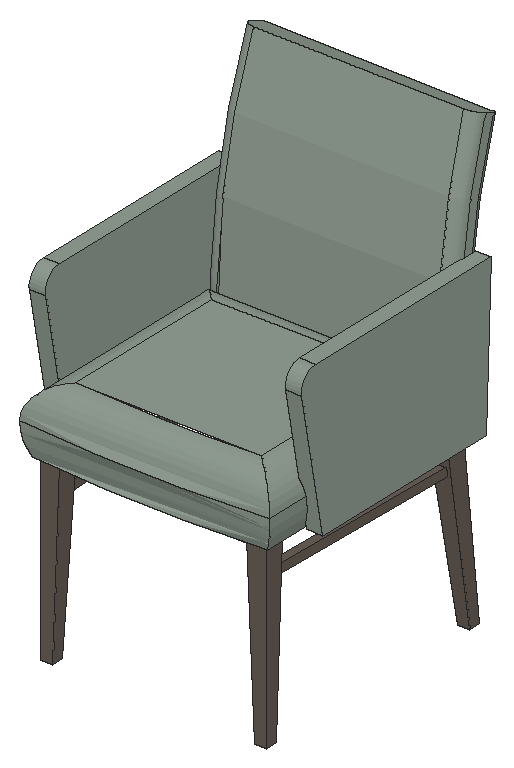
Revit family "Furniture_Chair_PALM BEACH 5.0 NS-S", category Furniture, Revit 2020
Family settings
  OmniClass Number = 23.21.23.15.17
  Work Plane-Based = Yes
  Always vertical = No
  Cut with Voids When Loaded = No
  Shared = No
  Room Calculation Point = No
Parameters (values of type "PALM BEACH 5.0 NS-S")
  Youtube clip = ""
  Uniformat II Description = "Movable Furnishings"
  Uniformat II Code = ""
  Uniclass 2015 Name = ""
  Uniclass 2015 Code = ""
  Uniclass 2.0 Description = ""
  Uniclass 2.0 Code = ""
  Uniclass 1.4 Description = ""
  Uniclass 1.4 Code = ""
  UNSPSC Code = ""
  Technical description = ""
  Shell Material = Fabric - Mainline Flax - Bayswater MLF24
  Frame Material = Wood - Beech - Wenge
  Region South America = "All"
  Region Oceania = "All"
  Region North America = "All"
  Region Middle East = "All"
  Region Europe = "All"
  Region Asia = "All"
  Region Antarctica = "All"
  Region Africa = "All"
  QR code = "https://www.sandlerseating.com/product/palm-beach-5-0-ns-s/"
  Product url = "https://www.sandlerseating.com/product/palm-beach-5-0-ns-s/"
  Product name = "PALM BEACH 5.0 NS-S"
  Product group = "Chair"
  Product family = "Furniture"
  Product data url = "https://www.sandlerseating.com/product/palm-beach-5-0-ns-s/"
  Product certification = ""
  Product SKU = "??"
  Product Guid = "??"
  OmniClass Description = ""
  OmniClass Code = "23-21 23 15 17"
  NBS Reference Description = ""
  NBS Reference Code = ""
  Model = "PALM BEACH 5.0 NS-S"
  Masterformat 2014 Description = "Chair Mats"
  Masterformat 2014 Code = "12 48 43.13"
  Manufacturer name = "Sandler"
  Manufacturer country = "USA"
  Manufacturer = "Sandler"
  Installation instructions = ""
  IFC Classification = "Furnishing Element"
  GTIN code = ""
  Edition number = 1
  Design country = "Brasil"
  Description = "Chair"
  Default Elevation = 0.000 mm
  Date of publishing = ""
  COBIe Type Category = ""
  Brand url = "https://www.sandlerseating.com/"
  BIMobject main category code = "furniture"
  BIMobject main category = "Furniture"
  BIMobject category code = "furniture-chair"
  BIMobject category = "Chair"
Reference planes
  plane 1 "Center Front/Back": y = 0
  plane 2: z = 0
  plane 3 "Center Left/Right": x = 0
Forms (mm)
  Extrusion 1, solid, material "Fabric - Mainline Flax - Bayswater MLF24" <- "Shell Material"
    sketch origin (0.021, 12.403, 840) x (-1, 0, 0) y (0, -1, 0)
      loop
        line (248.589, -218.746) -> (248.589, 242.183)
        arc (248.589, 242.183) -> (0.023, 254.709) -> (-248.589, 243.132) r 2569.886
        line (-248.589, 243.132) -> (-248.589, -218.746) -> (248.589, -218.746)
    from -479.2 to -350.103
  Sweep 2, void
    path in 3D
      loop
        line (-248.569, -229.781, 489.897) -> (-248.569, 231.149, 489.897) -> (248.61, 231.149, 489.897) -> (248.61, -230.73, 489.897)
        arc (248.61, -230.73, 489.897) -> (-0.002, -242.307, 489.897) -> (-248.569, -229.781, 489.897) r 2569.886
    profile origin (-0.002, -242.307, 489.897) x (-0.001909, -0.999998, 0) y (0, 0, 1)
      loop
        arc (-64.548, 0) -> (-18.906, -18.906) -> (0, -64.548) r 64.548
        arc (0, -64.548) -> (-3.774, -97.671) -> (-14.902, -129.096) r 147.246
        line (-14.902, -129.096) -> (25.452, -129.096) -> (25.452, 0) -> (-64.548, 0)
  Blend 3, solid, material "Wood - Beech - Wenge" <- "Frame Material"
    base sketch origin (11.479, 25.171, 840) x (-1, 0, 0) y (0, -1, 0)
      loop
        line (235.546, 195.254) -> (235.546, 234.079) -> (197.379, 234.079) -> (197.379, 195.254) -> (235.546, 195.254)
    top sketch origin (11.479, 25.171, 840) x (-1, 0, 0) y (0, -1, 0)
      loop
        line (212.008, 210.203) -> (235.546, 210.203) -> (235.546, 234.079) -> (212.008, 234.079) -> (212.008, 210.203)
    from -479.2 to -840
  Blend 4, solid, material "Wood - Beech - Wenge" <- "Frame Material"
    base sketch origin (-11.438, 25.171, 840) x (1, 0, 0) y (0, 1, 0)
      loop
        line (235.546, -195.254) -> (197.379, -195.254) -> (197.379, -234.079) -> (235.546, -234.079) -> (235.546, -195.254)
    top sketch origin (-11.438, 25.171, 840) x (1, 0, 0) y (0, 1, 0)
      loop
        line (212.008, -210.203) -> (212.008, -234.079) -> (235.546, -234.079) -> (235.546, -210.203) -> (212.008, -210.203)
    from -479.2 to -840
  Blend 5, solid, material "Wood - Beech - Wenge" <- "Frame Material"
    base sketch origin (0.021, 12.403, 840) x (-1, 0, 0) y (0, -1, 0)
      loop
        line (197.378, -213.052) -> (197.378, -251.878) -> (235.545, -251.878) -> (235.545, -213.052) -> (197.378, -213.052)
    top sketch origin (0.021, 12.403, 840) x (-1, 0, 0) y (0, -1, 0)
      loop
        line (235.545, -291.791) -> (235.545, -268.262) -> (211.722, -268.262) -> (211.722, -291.791) -> (235.545, -291.791)
    from -478.581 to -840
  Blend 6, solid, material "Wood - Beech - Wenge" <- "Frame Material"
    base sketch origin (0.021, 12.403, 840) x (1, 0, 0) y (0, 1, 0)
      loop
        line (197.378, 213.052) -> (235.545, 213.052) -> (235.545, 251.878) -> (197.378, 251.878) -> (197.378, 213.052)
    top sketch origin (0.021, 12.403, 840) x (1, 0, 0) y (0, 1, 0)
      loop
        line (235.545, 291.791) -> (211.722, 291.791) -> (211.722, 268.262) -> (235.545, 268.262) -> (235.545, 291.791)
    from -478.581 to -840
  Extrusion 7, void
    sketch origin (0.021, 12.403, 0) x (0, 1, 0) y (0, 0, 1)
      loop
        line (185.776, 360.8) -> (185.776, 345.8) -> (275.776, 345.8) -> (275.776, 360.8) -> (185.776, 360.8)
    from -259.065 to 259.553
  Blend 8, solid, material "Wood - Beech - Wenge" <- "Frame Material"
    base sketch origin (0.021, 12.403, 0) x (1, 0, 0) y (0, 0, 1)
      loop
        line (226.684, 305.778) -> (208.968, 305.778) -> (208.968, 288.541) -> (226.684, 288.541) -> (226.684, 305.778)
    top sketch origin (0.021, 12.403, 0) x (1, 0, 0) y (0, 0, 1)
      loop
        line (215.486, 305.778) -> (197.771, 305.778) -> (197.771, 288.541) -> (215.486, 288.541) -> (215.486, 305.778)
    from -239.717 to 206.017
  Blend 9, solid, material "Wood - Beech - Wenge" <- "Frame Material"
    base sketch origin (0.021, 12.403, 0) x (-1, 0, 0) y (0, 0, -1)
      loop
        line (226.684, -305.778) -> (226.684, -288.541) -> (208.968, -288.541) -> (208.968, -305.778) -> (226.684, -305.778)
    top sketch origin (0.021, 12.403, 0) x (-1, 0, 0) y (0, 0, -1)
      loop
        line (215.486, -305.778) -> (215.486, -288.541) -> (197.771, -288.541) -> (197.771, -305.778) -> (215.486, -305.778)
    from -239.717 to 206.017
  Extrusion 10, solid, material "Fabric - Mainline Flax - Bayswater MLF24" <- "Shell Material"
    sketch origin (0.021, 12.403, 0) x (0, -1, 0) y (0, 0, 1)
      loop
        arc (-275.179, 672.334) -> (-261.353, 516.869) -> (-263.091, 360.8) r 1563.942
        line (-263.091, 360.8) -> (141.817, 360.8) -> (194.272, 630.656)
        arc (194.272, 630.656) -> (186.922, 659.597) -> (159.915, 672.334) r 35
        line (159.915, 672.334) -> (-275.179, 672.334)
    from 235.545 to 267.606
  Extrusion 11, solid, material "Fabric - Mainline Flax - Bayswater MLF24" <- "Shell Material"
    sketch origin (5.02, 12.403, -0.028) x (0, -1, 0) y (0, 0, -1)
      loop
        line (-275.179, -672.334) -> (159.915, -672.334)
        arc (159.915, -672.334) -> (186.922, -659.597) -> (194.272, -630.656) r 35
        line (194.272, -630.656) -> (141.817, -360.8) -> (-263.091, -360.8)
        arc (-263.091, -360.8) -> (-261.353, -516.869) -> (-275.179, -672.334) r 1563.942
    from 235.545 to 267.606
  SweptBlend 12, solid, material "Fabric - Mainline Flax - Bayswater MLF24" <- "Shell Material"
    path origin (0.021, 12.403, 0) x (0, 1, 0) y (0, 0, 1)
      loop
        arc (318.429, 896.679) -> (247.467, 629.178) -> (238.058, 352.583) r 1230.984
    profile origin (0.021, 330.832, 896.679) x (0, 0.931619, -0.363437) y (1, 0, 0)
      loop
        line (20.402, -222.125) -> (20.402, 225.373)
        arc (20.402, 225.373) -> (17.474, 232.444) -> (10.402, 235.373) r 10
        line (10.402, 235.373) -> (-9.598, 235.373)
        arc (-9.598, 235.373) -> (-27.275, 228.05) -> (-34.598, 210.373) r 25
        line (-34.598, 210.373) -> (-34.598, -207.125)
        arc (-34.598, -207.125) -> (-27.275, -224.803) -> (-9.598, -232.125) r 25
        line (-9.598, -232.125) -> (10.402, -232.125)
        arc (10.402, -232.125) -> (17.474, -229.196) -> (20.402, -222.125) r 10
    end profile origin (0.021, 250.46, 352.583) x (0, 0.996909, 0.078564) y (1, 0, 0)
      loop
        line (25.645, -235.139) -> (25.645, 237.901)
        arc (25.645, 237.901) -> (22.717, 244.972) -> (15.645, 247.901) r 10
        line (15.645, 247.901) -> (-1.894, 247.901)
        arc (-1.894, 247.901) -> (-19.572, 240.579) -> (-26.894, 222.901) r 25
        line (-26.894, 222.901) -> (-26.894, -220.139)
        arc (-26.894, -220.139) -> (-19.572, -237.816) -> (-1.894, -245.139) r 25
        line (-1.894, -245.139) -> (15.645, -245.139)
        arc (15.645, -245.139) -> (22.717, -242.21) -> (25.645, -235.139) r 10
Cuts and joins
  Sweep 2 cuts Extrusion 1
  Extrusion 7 cuts SweptBlend 12
Lines and regions (mm)
  sketch lines
    curve 1: arc (248.61, -230.73, 489.897) -> (-0.002, -242.307, 489.897) -> (-248.569, -229.781, 489.897) r 2569.886
    curve 2: line (248.61, -230.73, 489.897) -> (248.61, 231.149, 489.897)
    curve 3: line (248.61, 231.149, 489.897) -> (-248.569, 231.149, 489.897)
    curve 4: line (-248.569, 231.149, 489.897) -> (-248.569, -229.781, 489.897)
Dimensions and locks
  aligned and locked: level to plane 2
